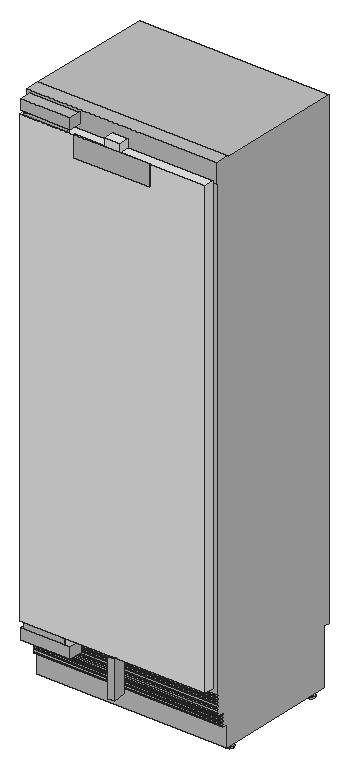
Revit family "FP_Revit_18_RS7621FLJK1_Freezer_90001110A", category Specialty Equipment, Revit 2018
Family settings
  Round Connector Dimension = Use Diameter
  Part Type = Normal
  OmniClass Number = 23.40.40.11.11
  OmniClass Title = Refrigerators and Freezers
  Work Plane-Based = No
  Always vertical = Yes
  Cut with Voids When Loaded = Yes
  Shared = No
  Room Calculation Point = No
Parameters (values of type "RS7621FLK1")
  Visibility - Water Connection = no
  Visibility - Visibility Control Note = yes
  Visibility - Clearance Required = yes
  URL = "www.fisherpaykel.com"
  Stainless Steel Door Panels (RD7621L10D) = no
  Product - Width = 756 mm  # constant formula
  Product - Height = 2134 mm  # constant formula
  Product - Depth (exl front panel) = 610 mm  # constant formula
  Model = "RS7621FLK1"
  Material - Handle = Fisher & Paykel - Aluminium
  Material - Door Structure = Fisher & Paykel - White
  Material - Door Front = Fisher & Paykel - Stainless Steel
  Material - Body = Fisher & Paykel - Grey
  Manufacturer = "Fisher & Paykel Appliances"
  Handle Style - Contemporary Square (AHD3-RD21) = no
  Handle Style - Contemporary Round (AHS-RD21) = no
  Description = "76cm Integrated Column Freezer, stainless steel interior"
  Connector Description - Water = "Water Supply not required"
  Connector Description - Electrical = "230 V,10 A fused electrical supply"
  Cavity - Width = 762 mm  # constant formula
  Cavity - Height = 2134 mm  # constant formula
  Cavity - Depth = 650 mm  # constant formula
Types (4, lengths in mm): name | Visibility - Water Connection | Model | Description | Connector Description - Water
  (no name) | no | "RS7621FLK1" | "76cm Integrated Column Freezer, stainless steel interior" | "Water Supply not required"
  RS7621FLJK1 | yes | "RS7621FLJK1" | "76cm Integrated Column Freezer with internal ice maker, stainless steel interior" | "1/2 BSP Stainless steel braided hose"
  RS7621FLK1 | no | "RS7621FLK1" | "76cm Integrated Column Freezer, stainless steel interior" | "Water Supply not required"
  RS7621FLJ1 | yes | "RS7621FLJ1" | "76cm Integrated Column Freezer with internal ice maker, white interior" | "1/2 BSP Stainless steel braided hose"
Reference planes
  plane 1 "Datum": y = 0
  plane 2: z = 0
  plane 3 "Center (Left/Right)": x = 0
  plane 4 "Product LHS": x = -378
  plane 5 "Product RHS": x = 378
  plane 6 "Product - Depth": y = 610
  plane 7 "Cavity LHS": x = -381
  plane 8 "Cavity RHS": x = 381
  plane 9 "Cavity - Depth": y = 628
  plane 10 "Handle Offset": x = 315
  plane 11 "Product Height": z = 2134
  plane 12 "Cavity Height": z = 2134
  plane 13 "Door Panel Datum": y = -4.1
Forms (mm)
  Extrusion 1, solid, material "Fisher & Paykel - Grey" <- "Material - Body", detail levels fine
    sketch origin (0, 0, 0) x (0, 1, 0) y (0, 0, 1)
      loop
        line (100.1, 19.1) -> (587.9, 19.1) -> (587.9, 239.7) -> (610, 239.7) -> (610, 2131.9) -> (105.1, 2131.9) -> (105.1, 2134) -> (49.9, 2134) -> (49.9, 2059) -> (56, 2059) -> (56, 228.6) -> (59.5, 228.6) -> (59.5, 219.7) -> (56.5, 219.7) -> (56.5, 215.9) -> (59.5, 215.9) -> (59.5, 207) -> (56.5, 207) -> (56.5, 203.2) -> (59.5, 203.2) -> (59.5, 194.3) -> (56.5, 194.3) -> (56.5, 190.5) -> (59.5, 190.5) -> (59.5, 181.6) -> (56.5, 181.6) -> (56.5, 177.8) -> (59.5, 177.8) -> (59.5, 168.9) -> (56.5, 168.9) -> (56.5, 165.1) -> (59.5, 165.1) -> (59.5, 156.2) -> (56.5, 156.2) -> (56.5, 152.4) -> (84.1, 152.4) -> (84.1, 143.5) -> (81.1, 143.5) -> (81.1, 139.7) -> (84.1, 139.7) -> (84.1, 130.8) -> (81.1, 130.8) -> (81.1, 127) -> (84.1, 127) -> (84.1, 118.1) -> (81.1, 118.1) -> (81.1, 114.3) -> (84.1, 114.3) -> (84.1, 105.4) -> (81.1, 105.4) -> (81.1, 101.6) -> (100.1, 101.6) -> (100.1, 19.1)
    from -378 to 378
  Extrusion 2, solid, material "Fisher & Paykel - Grey" <- "Material - Body"
    sketch origin (0, 0, 0) x (1, 0, 0) y (0, 1, 0)
      loop
        circle (-357.5, 547.8) r 4.1
      loop
        circle (-357.5, 141.8) r 4.1
      loop
        circle (357.5, 547.8) r 4.1
      loop
        circle (357.5, 141.8) r 4.1
    from 3 to 19.1
  Extrusion 3, solid, material "Fisher & Paykel - Grey" <- "Material - Body"
    sketch origin (0, 0, 0) x (1, 0, 0) y (0, 1, 0)
      loop
        circle (-357.5, 547.8) r 14.5
      loop
        circle (-357.5, 141.8) r 14.555
      loop
        circle (357.5, 547.8) r 14.5
      loop
        circle (357.5, 141.8) r 14.555
    from 0 to 3
  Extrusion 4, solid, material "Fisher & Paykel - Grey" <- "Material - Body", detail levels fine
    sketch origin (0, 0, 0) x (1, 0, 0) y (0, 1, 0)
      loop
        line (-7.5, 49) -> (-13.797, -4.1) -> (13.797, -4.1) -> (7.5, 49) -> (-7.5, 49)
    from 104.2 to 254.2
  Extrusion 5, solid, material "Fisher & Paykel - Grey" <- "Material - Body", detail levels fine
    sketch origin (0, 0, 0) x (0, 1, 0) y (0, 0, 1)
      loop
        line (0, 2070.6) -> (0, 1988.6) -> (2, 1988.6) -> (2, 2068.6) -> (4, 2068.6) -> (4, 2070.6) -> (0, 2070.6)
    from -150 to 150
  Extrusion 6, solid, material "Fisher & Paykel - Grey" <- "Material - Body"
    sketch origin (0, 0, 0) x (1, 0, 0) y (0, 0, 1)
      loop
        circle (303, 119.813) r 5
      loop
        circle (-303, 119.813) r 5
    from -590 to -587.9
  Extrusion 7, solid, material "Fisher & Paykel - White" <- "Material - Door Structure"
    sketch origin (0, 0, 0) x (1, 0, 0) y (0, 1, 0)
      loop
        line (-353, 56) -> (-353, 42) -> (353, 42) -> (353, 56) -> (-353, 56)
    from 269.6 to 2030.7
  Extrusion 8, solid, material "Fisher & Paykel - White" <- "Material - Door Structure"
    sketch origin (0, 0, 0) x (1, 0, 0) y (0, 1, 0)
      loop
        line (-369.4, 42) -> (-369.4, 3) -> (369.4, 3) -> (369.4, 42) -> (-369.4, 42)
    from 254.2 to 2068.6
  Extrusion 9, solid, material "Fisher & Paykel - White" <- "Material - Door Structure", detail levels fine
    sketch origin (0, 0, 0) x (1, 0, 0) y (0, 0, 1)
      loop
        line (-29.5, 2100.1) -> (-29.5, 2068.6) -> (29.5, 2068.6) -> (29.5, 2100.1) -> (-29.5, 2100.1)
    from -42 to -3
  Extrusion 10, solid, material "Fisher & Paykel - Stainless Steel" <- "Material - Door Front", visible <- "Stainless Steel Door Panels (RD7621L10D)"
    sketch origin (0, 0, 0) x (0, 1, 0) y (0, 0, 1)
      loop
        line (-22.1, 2130.8) -> (-22.1, 102) -> (-4.1, 102) -> (-4.1, 2130.8) -> (-22.1, 2130.8)
    from -378 to 378
  Extrusion 11, solid, material "Fisher & Paykel - Grey" <- "Material - Body", detail levels coarse+medium
    sketch origin (0, 0, 0) x (0, 1, 0) y (0, 0, 1)
      loop
        line (49.9, 2134) -> (49.9, 2059) -> (56, 2059) -> (56, 152.4) -> (81.1, 152.4) -> (81.1, 101.6) -> (100.1, 101.6) -> (100.1, 19.1) -> (587.9, 19.1) -> (587.9, 239.7) -> (610, 239.7) -> (610, 2134) -> (49.9, 2134)
    from -378 to 378
  Extrusion 12, solid, material "Fisher & Paykel - Grey" <- "Material - Body", detail levels fine
    sketch origin (0, 0, 0) x (-1, 0, 0) y (0, 0, -1)
      loop
        line (366.4, -187.65) -> (168.42, -187.65) -> (168.42, -229.75) -> (366.4, -229.75) -> (366.4, -187.65)
    from -56 to -2.5
  Extrusion 13, solid, material "Fisher & Paykel - Grey" <- "Material - Body", detail levels fine
    sketch origin (0, 0, 0) x (-1, 0, 0) y (0, 0, -1)
      loop
        line (366.4, -2123.15) -> (366.4, -2081.05) -> (168.42, -2081.05) -> (168.42, -2123.15) -> (366.4, -2123.15)
    from -49 to -2.5
  Extrusion 14, solid, material "Fisher & Paykel - Grey" <- "Material - Body", detail levels fine
    sketch origin (0, 0, -4) x (0, 1, 0) y (0, 0, 1)
      loop
        arc (163.888, 23.1) -> (180.4, 13.63) -> (196.912, 23.1) r 19.13
        line (196.912, 23.1) -> (163.888, 23.1)
      loop
        arc (493.888, 23.1) -> (510.4, 13.63) -> (526.912, 23.1) r 19.13
        line (526.912, 23.1) -> (493.888, 23.1)
    from 191 to 219
  Extrusion 15, solid, material "Fisher & Paykel - Grey" <- "Material - Body", detail levels fine
    sketch origin (0, 0, -4) x (0, 1, 0) y (0, 0, -1)
      loop
        line (163.888, -23.1) -> (196.912, -23.1)
        arc (196.912, -23.1) -> (180.4, -13.63) -> (163.888, -23.1) r 19.13
      loop
        line (493.888, -23.1) -> (526.912, -23.1)
        arc (526.912, -23.1) -> (510.4, -13.63) -> (493.888, -23.1) r 19.13
    from 191 to 219
  Extrusion 16, solid, material "Fisher & Paykel - Clearance Required", visible <- "Visibility - Clearance Required", detail levels coarse
    sketch origin (0, 0, 0) x (1, 0, 0) y (0, 1, 0)
      loop
        line (-381, 628) -> (-381, -4.1) -> (381, -4.1) -> (381, 628) -> (-381, 628)
    from 0 to 2134
  Extrusion 17, void
    sketch origin (0, 0, 0) x (1, 0, 0) y (0, 1, 0)
      loop
        line (-381, 628) -> (-381, -22.1) -> (381, -22.1) -> (381, 628) -> (-381, 628)
    from 0 to 2134
  Extrusion 18, solid, material "Fisher & Paykel - Grey" <- "Material - Body", detail levels fine
    sketch origin (-73, 0, 0) x (-1, 0, 0) y (0, 0, -1)
      loop
        line (118.4, -254.2) -> (282.9, -254.2) -> (282.9, -229.75) -> (118.4, -229.75) -> (118.4, -254.2)
      loop
        line (106, -2081.05) -> (242.9, -2081.05) -> (282.9, -2076.05) -> (282.9, -2068.6) -> (106, -2068.6) -> (106, -2081.05)
    from -7 to -4
  Extrusion 19, solid, material "Fisher & Paykel - Clearance Required", visible <- "Visibility - Clearance Required", detail levels coarse
    sketch origin (0, 0, 0) x (-1, 0, 0) y (0, -1, 0)
      loop
        line (-328.5, 22) -> (378.07, 22)
        arc (378.07, 22) -> (380.987, 57.006) -> (415.929, 60.595) r 27.504
        line (415.929, 60.595) -> (697.006, 665.395) -> (723.253, 653.197)
        arc (723.253, 653.197) -> (747.815, 662.137) -> (738.875, 686.699) r 18.483
        line (738.875, 686.699) -> (712.602, 698.95) -> (734.607, 746.265)
        arc (734.607, 746.265) -> (-22.041, 691.901) -> (-377.998, 22) r 783.526
        line (-377.998, 22) -> (-328.5, 22)
    from 0 to 2134
Lines and regions (mm)
  model lines, style "Fisher & Paykel"
    curve 1: line (-378, -4.1, 2130.8) -> (378, -4.1, 2130.8)
    curve 2: line (-378, -4.1, 102) -> (-378, -4.1, 2130.8)
    curve 3: line (378, -4.1, 102) -> (-378, -4.1, 102)
    curve 4: line (378, -4.1, 2130.8) -> (378, -4.1, 102)
Text (mm)
  text "Due to ongoing product development, product details are subject to change without notice. \nPlease always refer to www.fisherpaykel.com for the most current product information. \n© Fisher & Paykel 2020" at (41.04, -848.295, 0), in view "Ref. Level (Plan)"
Dimensions and locks
  equal spacing: plane 4 "Product LHS", plane 3 "Center (Left/Right)", plane 5 "Product RHS"
  "Product - Width": plane 4 "Product LHS" to plane 5 "Product RHS"
  "Product - Depth (exl front panel)": plane 1 "Datum" to plane 6 "Product - Depth"
  equal spacing: plane 7 "Cavity LHS", plane 3 "Center (Left/Right)", plane 8 "Cavity RHS"
  "Cavity - Width": plane 7 "Cavity LHS" to plane 8 "Cavity RHS"
  plane 4 "Product LHS" to Extrusion 2 sketch curve = 24.6 mm
  Extrusion 6 sketch curve to Extrusion 1 = 119.887 mm  (x2)
  Extrusion 6 sketch curve to plane 5 "Product RHS" = 75 mm
  plane 4 "Product LHS" to Extrusion 6 sketch curve = 75 mm
  Extrusion 1 sketch curve to Extrusion 1 sketch curve = 82.5 mm
  Extrusion 1 sketch curve to Extrusion 1 sketch curve = 209.5 mm
  Extrusion 1 sketch curve to Extrusion 1 sketch curve = 220.6 mm
  Extrusion 3 to level = 3 mm
  Extrusion 11 to Extrusion 8 = 235.1 mm
  Extrusion 11 to Extrusion 7 = 250.5 mm
  Extrusion 11 to Extrusion 11 = 2114.9 mm
  Extrusion 11 to Extrusion 10 = 82.9 mm
  "Product - Height": level to plane 11 "Product Height"
  plane 11 "Product Height" to Extrusion 10 = 3.2 mm
  Extrusion 8 to plane 11 "Product Height" = 65.4 mm
  Extrusion 7 to plane 11 "Product Height" = 103.3 mm
  Extrusion 11 sketch curve to plane 11 "Product Height" = 75 mm
  Extrusion 1 sketch curve to plane 11 "Product Height" = 2.1 mm
  Extrusion 1 sketch curve to plane 11 "Product Height" = 75 mm
  "Cavity - Height": plane 12 "Cavity Height" to level
  Extrusion 18 sketch curve to Extrusion 18 sketch curve = 40 mm
  Extrusion 18 sketch curve to Extrusion 18 sketch curve = 176.9 mm
  plane 3 "Center (Left/Right)" to Extrusion 18 sketch curve = 179 mm
  plane 3 "Center (Left/Right)" to Extrusion 18 sketch curve = 191.4 mm
  plane 3 "Center (Left/Right)" to Extrusion 18 sketch curve = 355.9 mm
  plane 3 "Center (Left/Right)" to Extrusion 13 sketch curve = 168.42 mm
  plane 3 "Center (Left/Right)" to Extrusion 12 sketch curve = 168.42 mm
  "Cavity - Depth": Extrusion 17 to Extrusion 19
  Extrusion 19 to plane 1 "Datum" = 22 mm
  radius of Extrusion 6 sketch curve = 5 mm
  aligned and locked: level to plane 2
  aligned and locked: Extrusion 10 to plane 5 "Product RHS"
  aligned and locked: plane 4 "Product LHS" to Extrusion 10
  aligned and locked: Extrusion 11 to plane 5 "Product RHS"
  aligned and locked: Extrusion 11 to plane 4 "Product LHS"
  aligned and locked: Extrusion 11 sketch curve to plane 11 "Product Height"
  aligned and locked: plane 11 "Product Height" to Extrusion 1 sketch curve
  aligned and locked: Extrusion 14 sketch curve to Extrusion 14 sketch curve
  aligned and locked: Extrusion 15 sketch curve to Extrusion 15 sketch curve
  aligned and locked: Extrusion 1 to plane 5 "Product RHS"
  aligned and locked: plane 4 "Product LHS" to Extrusion 1
  aligned and locked: Extrusion 11 sketch curve to Extrusion 1  (x4)
  aligned and locked: Extrusion 2 to Extrusion 1
  aligned and locked: nested 2 to plane 10 "Handle Offset"
  aligned and locked: nested 3 to plane 10 "Handle Offset"
Automatic sketch dimensions
  plane 1 "Datum" to Extrusion 4 sketch curve = 4.1 mm
  Extrusion 4 sketch curve to plane 3 "Center (Left/Right)" = 13.797 mm
  Extrusion 4 sketch curve to plane 3 "Center (Left/Right)" = 7.5 mm
  plane 3 "Center (Left/Right)" to Extrusion 4 sketch curve = 7.5 mm
  plane 3 "Center (Left/Right)" to Extrusion 4 sketch curve = 13.797 mm
  Extrusion 4 sketch curve to plane 1 "Datum" = 49 mm
  Extrusion 5 sketch curve to plane 1 "Datum" = 0 mm
  Extrusion 5 sketch curve to plane 1 "Datum" = 2 mm
  Extrusion 5 sketch curve to Extrusion 5 sketch curve = 2 mm  (x2)
  plane 11 "Product Height" to Extrusion 5 sketch curve = 145.4 mm
  plane 11 "Product Height" to Extrusion 5 sketch curve = 65.4 mm
  Extrusion 9 sketch curve to plane 3 "Center (Left/Right)" = 29.5 mm
  plane 3 "Center (Left/Right)" to Extrusion 9 sketch curve = 29.5 mm
  plane 11 "Product Height" to Extrusion 9 sketch curve = 65.4 mm
  Extrusion 9 sketch curve to Extrusion 9 sketch curve = 31.5 mm
  Extrusion 16 sketch curve to plane 7 "Cavity LHS" = 0 mm
  Extrusion 16 sketch curve to plane 8 "Cavity RHS" = 0 mm
  Extrusion 16 sketch curve to plane 9 "Cavity - Depth" = 0 mm
  plane 1 "Datum" to Extrusion 16 sketch curve = 4.1 mm
  Extrusion 17 sketch curve to plane 7 "Cavity LHS" = 0 mm
  Extrusion 17 sketch curve to plane 8 "Cavity RHS" = 0 mm
  plane 9 "Cavity - Depth" to Extrusion 17 sketch curve = 0 mm
  plane 1 "Datum" to Extrusion 17 sketch curve = 22.1 mm
  Extrusion 1 sketch curve to plane 6 "Product - Depth" = 0 mm
  Extrusion 1 sketch curve to Extrusion 1 sketch curve = 22.1 mm
  Extrusion 1 sketch curve to plane 1 "Datum" = 105.1 mm
  level to Extrusion 1 sketch curve = 19.1 mm
  Extrusion 1 sketch curve to plane 1 "Datum" = 100.1 mm
  Extrusion 1 sketch curve to Extrusion 1 sketch curve = 16 mm
  Extrusion 1 sketch curve to Extrusion 1 sketch curve = 0 mm  (x8)
  Extrusion 1 sketch curve to Extrusion 1 sketch curve = 3 mm  (x10)
  Extrusion 1 sketch curve to plane 1 "Datum" = 59.5 mm
  Extrusion 1 sketch curve to plane 1 "Datum" = 56 mm
  Extrusion 1 sketch curve to plane 1 "Datum" = 49.9 mm
  Extrusion 1 sketch curve to Extrusion 1 sketch curve = 3.8 mm  (x10)
  Extrusion 1 sketch curve to Extrusion 1 sketch curve = 8.9 mm  (x9)
  Extrusion 2 sketch curve to plane 4 "Product LHS" = 20.5 mm  (x2)
  plane 5 "Product RHS" to Extrusion 2 sketch curve = 20.5 mm  (x2)
  Extrusion 2 sketch curve to plane 1 "Datum" = 141.8 mm  (x2)
  Extrusion 2 sketch curve to plane 6 "Product - Depth" = 62.2 mm  (x2)
  Extrusion 3 sketch curve to plane 4 "Product LHS" = 20.5 mm  (x2)
  plane 5 "Product RHS" to Extrusion 3 sketch curve = 20.5 mm  (x2)
  Extrusion 3 sketch curve to plane 1 "Datum" = 141.8 mm  (x2)
  Extrusion 3 sketch curve to plane 6 "Product - Depth" = 62.2 mm  (x2)
  Extrusion 7 sketch curve to plane 4 "Product LHS" = 25 mm
  plane 5 "Product RHS" to Extrusion 7 sketch curve = 25 mm
  Extrusion 7 sketch curve to plane 1 "Datum" = 42 mm
  Extrusion 7 sketch curve to Extrusion 7 sketch curve = 14 mm
  Extrusion 8 sketch curve to plane 1 "Datum" = 3 mm
  Extrusion 8 sketch curve to plane 4 "Product LHS" = 8.6 mm
  plane 5 "Product RHS" to Extrusion 8 sketch curve = 8.6 mm
  Extrusion 8 sketch curve to Extrusion 8 sketch curve = 39 mm
  plane 1 "Datum" to Extrusion 10 sketch curve = 22.1 mm
  plane 1 "Datum" to Extrusion 10 sketch curve = 4.1 mm
  level to Extrusion 10 sketch curve = 102 mm
  plane 11 "Product Height" to Extrusion 10 sketch curve = 3.2 mm
  Extrusion 11 sketch curve to plane 6 "Product - Depth" = 0 mm
  Extrusion 11 sketch curve to plane 6 "Product - Depth" = 22.1 mm
  Extrusion 11 sketch curve to plane 1 "Datum" = 100.1 mm
  Extrusion 11 sketch curve to Extrusion 11 sketch curve = 19 mm
  Extrusion 11 sketch curve to plane 1 "Datum" = 56 mm
  Extrusion 11 sketch curve to plane 1 "Datum" = 49.9 mm
  Extrusion 11 sketch curve to Extrusion 11 sketch curve = 50.8 mm
  plane 4 "Product LHS" to Extrusion 12 sketch curve = 11.6 mm
  Extrusion 12 sketch curve to level = 187.65 mm
  Extrusion 12 sketch curve to Extrusion 12 sketch curve = 42.1 mm
  plane 4 "Product LHS" to Extrusion 13 sketch curve = 11.6 mm
  Extrusion 13 sketch curve to plane 11 "Product Height" = 52.95 mm
  Extrusion 13 sketch curve to plane 11 "Product Height" = 10.85 mm
  level to Extrusion 14 sketch curve = 19.1 mm
  Extrusion 14 sketch curve to plane 1 "Datum" = 163.888 mm
  Extrusion 14 sketch curve to Extrusion 14 sketch curve = 16.512 mm  (x2)
  Extrusion 14 sketch curve to plane 6 "Product - Depth" = 116.112 mm
  Extrusion 14 sketch curve to Extrusion 14 sketch curve = 9.66 mm  (x2)
  level to Extrusion 15 sketch curve = 19.1 mm
  Extrusion 15 sketch curve to plane 1 "Datum" = 163.888 mm
  Extrusion 15 sketch curve to Extrusion 15 sketch curve = 16.512 mm  (x2)
  Extrusion 15 sketch curve to plane 6 "Product - Depth" = 116.112 mm
  Extrusion 15 sketch curve to Extrusion 15 sketch curve = 9.66 mm  (x2)
  Extrusion 18 sketch curve to level = 229.75 mm
  Extrusion 18 sketch curve to Extrusion 18 sketch curve = 24.45 mm
  Extrusion 18 sketch curve to plane 11 "Product Height" = 65.4 mm
  Extrusion 18 sketch curve to Extrusion 18 sketch curve = 7.45 mm
  Extrusion 18 sketch curve to Extrusion 18 sketch curve = 5 mm
  Extrusion 19 sketch curve to plane 5 "Product RHS" = 0.002 mm
  plane 10 "Handle Offset" to Extrusion 19 sketch curve = 13.5 mm
  Extrusion 19 sketch curve to plane 4 "Product LHS" = 0.07 mm
  Extrusion 19 sketch curve to plane 7 "Cavity LHS" = 19.621 mm
  Extrusion 19 sketch curve to Extrusion 19 sketch curve = 4.795 mm
  Extrusion 19 sketch curve to Extrusion 19 sketch curve = 10.514 mm
  Extrusion 19 sketch curve to plane 7 "Cavity LHS" = 316.006 mm
  Extrusion 19 sketch curve to Extrusion 19 sketch curve = 15.596 mm
  Extrusion 19 sketch curve to Extrusion 19 sketch curve = 26.247 mm
  Extrusion 19 sketch curve to Extrusion 19 sketch curve = 7.811 mm  (x2)
  Extrusion 19 sketch curve to Extrusion 19 sketch curve = 22.005 mm
  Extrusion 19 sketch curve to plane 1 "Datum" = 746.265 mm
  Extrusion 19 sketch curve to Extrusion 19 sketch curve = 47.315 mm
  Extrusion 19 sketch curve to Extrusion 19 sketch curve = 12.251 mm
  Extrusion 19 sketch curve to Extrusion 19 sketch curve = 16.751 mm
  Extrusion 19 sketch curve to Extrusion 19 sketch curve = 12.198 mm
  Extrusion 19 sketch curve to Extrusion 19 sketch curve = 22.85 mm
  plane 5 "Product RHS" to curve 1 = 0 mm
  plane 4 "Product LHS" to curve 3 = 0 mm
  level to curve 3 = 102 mm
  plane 11 "Product Height" to curve 2 = 3.2 mm
  radius of Extrusion 2 sketch curve = 4.1 mm  (x3)
  radius of Extrusion 3 sketch curve = 14.5 mm  (x2)
  radius of Extrusion 3 sketch curve = 14.555 mm  (x2)
  radius of Extrusion 6 sketch curve = 5 mm
Nested families
  nested 1: "Visibility Control Note 18" at (0, 0, 0), visible <- "Visibility - Visibility Control Note", type "Visibility Control Note 18"
  nested 2: "Handle Contemporary Round - Vertical" at (315, -22.1, 1242.58), visible <- "Handle Style - Contemporary Round (AHS-RD21)", type "AHS-RD21 - Contemporary round handle (Vertical) 852mm"
  nested 3: "Handle Contemporary Square - Vertical" at (315, -22.1, 1242.58), visible <- "Handle Style - Contemporary Square (AHD3-RD21)", type "AHD3-RD21 - Contemporary square handle (Vertical) 852mm"
Connectors
  electrical at (-303, 590, 119.813), driven by "Connector Description - Electrical"
    settings: on Extrusion 6, index 1, voltage 230 V, apparent load 0 VA, apparent load phase1 0 VA, apparent load phase2 0 VA, apparent load phase3 0 VA, power factor 1, load classification "Other", number of poles 1, system type 30, power factor state 1, is connector primary yes, connector utility no, sub classification motor no, connector description "230 V,10 A fused electrical supply"
  piping at (303, 590, 119.813), diameter 12.7, driven by "Visibility - Water Connection", driven by "Connector Description - Water"
    settings: on Extrusion 6, index 2, connector inside diameter 609.6 mm, connector length 0 mm, flow factor 0, pipe flow 0.0 L/s, pressure drop 0.0 Pa, fitting loss kfactor 0, connector angle 0.00°, fixture units 0, engagement length 0 mm, angle of deflection 0.00°, flow configuration 0, flow direction 1, fitting loss method 0, system type 20, joint type 0, gender type 0, connector reference index -1, connector utility 0, adjustable connector no, is connector primary yes, connector description "Water Supply not required"
Definition of nested family "Handle Contemporary Round - Vertical"
  Parameters (values of type "AHSRS80A - Contemporary round handle (1 of 2) (Vertical) 727mm")
    URL = "www.fisherpaykel.com"
    Material - Handle = none
    Manufacturer = "Fisher & Paykel Appliances"
    Handle - Length = 727 mm
  Types (6, lengths in mm): name | Handle - Length
    AHS-RD21 - Contemporary round handle (Vertical) 852mm | 852
    AHSRD2484W - Contemporary round handle (1 of 2) (Vertical) 727mm | 727
    AHSRD3084W - Contemporary round handle (1 of 2) (Vertical) 727mm | 727
    AHS-RD84 - Contemporary round handle (Vertical) 852mm | 852
    AHSRS3272A - Contemporary round handle (1 of 2) (Vertical) 727mm | 727
    AHSRS80A - Contemporary round handle (1 of 2) (Vertical) 727mm | 727
  Reference planes
    plane 1 "Center (Front/Back)": y = 0
    plane 2: z = 0
    plane 3 "Center (Left/Right)": x = 0
    plane 4 "Top": z = 363.5
    plane 5 "Bottom": z = -363.5
    plane 6 "Top Standoff": z = 243.5
    plane 7 "Bottom Standoff": z = -243.5
  Forms (mm)
    Extrusion 1, solid, material <- "Material - Handle"
      sketch origin (0, 0, 0) x (1, 0, 0) y (0, 1, 0)
        loop
          circle (0, -32.3) r 8.7
      from -243.5 to 243.5
    Extrusion 2, solid, material <- "Material - Handle", detail levels fine
      sketch origin (0, 0, 0) x (1, 0, 0) y (0, 1, 0)
        loop
          line (-8.7, 0) -> (-8.7, -32.3)
          arc (-8.7, -32.3) -> (0, -41) -> (8.7, -32.3) r 8.7
          line (8.7, -32.3) -> (8.7, 0) -> (-8.7, 0)
      from 243.5 to 363.5
    Extrusion 3, solid, material <- "Material - Handle", detail levels fine
      sketch origin (0, 0, 0) x (1, 0, 0) y (0, 1, 0)
        loop
          line (-8.7, 0) -> (-8.7, -32.3)
          arc (-8.7, -32.3) -> (0, -41) -> (8.7, -32.3) r 8.7
          line (8.7, -32.3) -> (8.7, 0) -> (-8.7, 0)
      from -363.5 to -243.5
    Sweep 4, void
      path in 3D
        loop
          line (8.7, 0, -363.5) -> (8.7, -32.3, -363.5)
          arc (8.7, -32.3, -363.5) -> (0, -41, -363.5) -> (-8.7, -32.3, -363.5) r 8.7
          line (-8.7, -32.3, -363.5) -> (-8.7, 0, -363.5)
      profile origin (8.7, -16.15, -363.5) x (-1, 0, 0) y (0, 0, -1)
        loop
          line (0, 0) -> (0, -1) -> (1, 0) -> (0, 0)
    Sweep 5, void
      path in 3D
        loop
          line (-8.7, 0, 363.5) -> (-8.7, -32.3, 363.5)
          arc (-8.7, -32.3, 363.5) -> (0, -41, 363.5) -> (8.7, -32.3, 363.5) r 8.7
          line (8.7, -32.3, 363.5) -> (8.7, 0, 363.5)
      profile origin (8.7, -16.15, 363.5) x (-1, 0, 0) y (0, 0, 1)
        loop
          line (0, 0) -> (0, -1) -> (1, 0) -> (0, 0)
    Extrusion 6, solid, material <- "Material - Handle", detail levels coarse+medium
      sketch origin (0, 0, 0) x (1, 0, 0) y (0, 1, 0)
        loop
          line (-8.7, 0) -> (-8.7, -32.3)
          arc (-8.7, -32.3) -> (0, -41) -> (8.7, -32.3) r 8.7
          line (8.7, -32.3) -> (8.7, 0) -> (-8.7, 0)
      from 243.5 to 363.5
    Extrusion 7, solid, material <- "Material - Handle", detail levels coarse+medium
      sketch origin (0, 0, 0) x (1, 0, 0) y (0, 1, 0)
        loop
          line (-8.7, 0) -> (-8.7, -32.3)
          arc (-8.7, -32.3) -> (0, -41) -> (8.7, -32.3) r 8.7
          line (8.7, -32.3) -> (8.7, 0) -> (-8.7, 0)
      from -363.5 to -243.5
  Cuts and joins
    Sweep 4 cuts Extrusion 3
    Sweep 5 cuts Extrusion 2
  Lines and regions (mm)
    sketch lines
      curve 1: line (8.7, 0, -363.5) -> (8.7, -32.3, -363.5)
      curve 2: arc (-8.7, -32.3, -363.5) -> (0, -41, -363.5) -> (8.7, -32.3, -363.5) r 8.7
      curve 3: line (-8.7, -32.3, -363.5) -> (-8.7, 0, -363.5)
      curve 4: line (8.7, -32.3, 363.5) -> (8.7, 0, 363.5)
      curve 5: arc (8.7, -32.3, 363.5) -> (0, -41, 363.5) -> (-8.7, -32.3, 363.5) r 8.7
      curve 6: line (-8.7, 0, 363.5) -> (-8.7, -32.3, 363.5)
  Dimensions and locks
    equal spacing: plane 4 "Top", level, plane 5 "Bottom"
    "Handle - Length": plane 4 "Top" to plane 5 "Bottom"
    locked: plane 4 "Top" to plane 6 "Top Standoff" at 120
    locked: plane 7 "Bottom Standoff" to plane 5 "Bottom" at 120
    Extrusion 2 sketch curve to Extrusion 2 sketch curve = 17.4 mm
    Extrusion 3 sketch curve to Extrusion 3 sketch curve = 17.4 mm
    Extrusion 6 sketch curve to Extrusion 6 sketch curve = 17.4 mm
    Extrusion 7 sketch curve to Extrusion 7 sketch curve = 17.4 mm
    aligned and locked: level to plane 2
    aligned and locked: plane 4 "Top" to Extrusion 2
    aligned and locked: Extrusion 3 to plane 5 "Bottom"
    aligned and locked: plane 7 "Bottom Standoff" to Extrusion 3
    aligned and locked: Extrusion 1 to plane 7 "Bottom Standoff"
    aligned and locked: plane 6 "Top Standoff" to Extrusion 1
    aligned and locked: Extrusion 2 to Extrusion 1
    aligned and locked: Extrusion 6 to Extrusion 1
    aligned and locked: plane 4 "Top" to Extrusion 6
    aligned and locked: Extrusion 7 to Extrusion 1
    aligned and locked: Extrusion 7 to plane 5 "Bottom"
  Automatic sketch dimensions
    Extrusion 1 sketch curve to plane 3 "Center (Left/Right)" = 0 mm
    plane 1 "Center (Front/Back)" to Extrusion 1 sketch curve = 32.3 mm
    plane 1 "Center (Front/Back)" to Extrusion 2 sketch curve = 0 mm
    Extrusion 2 sketch curve to plane 3 "Center (Left/Right)" = 0 mm
    Extrusion 2 sketch curve to plane 3 "Center (Left/Right)" = 8.7 mm
    plane 1 "Center (Front/Back)" to Extrusion 2 sketch curve = 32.3 mm
    plane 1 "Center (Front/Back)" to Extrusion 3 sketch curve = 0 mm
    Extrusion 3 sketch curve to plane 3 "Center (Left/Right)" = 0 mm
    Extrusion 3 sketch curve to plane 3 "Center (Left/Right)" = 8.7 mm
    plane 1 "Center (Front/Back)" to Extrusion 3 sketch curve = 32.3 mm
    Sweep 4 sketch curve to profile plane = 0 mm  (x2)
    Sweep 4 sketch curve to profile plane = 1 mm  (x2)
    Sweep 5 sketch curve to profile plane = 0 mm  (x2)
    Sweep 5 sketch curve to profile plane = 1 mm  (x2)
    Extrusion 6 sketch curve to plane 3 "Center (Left/Right)" = 0 mm
    Extrusion 6 sketch curve to plane 3 "Center (Left/Right)" = 8.7 mm
    plane 1 "Center (Front/Back)" to Extrusion 6 sketch curve = 32.3 mm
    Extrusion 6 sketch curve to Extrusion 6 sketch curve = 32.3 mm
    Extrusion 7 sketch curve to plane 3 "Center (Left/Right)" = 0 mm
    Extrusion 7 sketch curve to plane 3 "Center (Left/Right)" = 8.7 mm
    plane 1 "Center (Front/Back)" to Extrusion 7 sketch curve = 32.3 mm
    Extrusion 7 sketch curve to Extrusion 7 sketch curve = 32.3 mm
    radius of Extrusion 1 sketch curve = 8.7 mm
Definition of nested family "Handle Contemporary Square - Vertical"
  Parameters (values of type "AHD3RS80A - Contemporary square handle (1 of 2) (Vertical) 727mm")
    URL = "www.fisherpaykel.com"
    Material - Handle = none
    Manufacturer = "Fisher & Paykel Appliances"
    Handle - Length = 727 mm
  Types (7, lengths in mm): name | Handle - Length
    (no name) | 727
    AHD3-RD21 - Contemporary square handle (Vertical) 852mm | 852
    AHD3RD2484W - Contemporary square handle (1 of 2) (Vertical) 727mm | 727
    AHD3RD3084W - Contemporary square handle (1 of 2) (Vertical) 727mm | 727
    AHD3-RD84 - Contemporary square handle (Vertical) 852mm | 852
    AHD3RS3272A - Contemporary square handle (1 of 2) (Vertical) 727mm | 727
    AHD3RS80A - Contemporary square handle (1 of 2) (Vertical) 727mm | 727
  Reference planes
    plane 1 "Center (Front/Back)": y = 0
    plane 2: z = 0
    plane 3 "Center (Left/Right)": x = 0
    plane 4 "Top": z = 363.5
    plane 5 "Bottom": z = -363.5
    plane 6 "Top Standoff": z = 243.5
    plane 7 "Bottom Standoff": z = -243.5
  Forms (mm)
    Extrusion 1, solid, material <- "Material - Handle", detail levels fine
      sketch origin (0, 0, 0) x (1, 0, 0) y (0, 1, 0)
        loop
          arc (-7.583, -28.701) -> (-7.89, -29.057) -> (-8, -29.514) r 1
          line (-8, -29.514) -> (-8, -40.5)
          arc (-8, -40.5) -> (-7.561, -41.561) -> (-6.5, -42) r 1.5
          line (-6.5, -42) -> (6.5, -42)
          arc (6.5, -42) -> (7.561, -41.561) -> (8, -40.5) r 1.5
          line (8, -40.5) -> (8, -29.487)
          arc (8, -29.487) -> (7.889, -29.029) -> (7.58, -28.673) r 1
          arc (7.58, -28.673) -> (-0.006, -26.256) -> (-7.583, -28.701) r 13.038
      from -363.5 to 363.5
    Extrusion 2, solid, material <- "Material - Handle", detail levels fine
      sketch origin (0, 0, 0) x (1, 0, 0) y (0, 1, 0)
        loop
          arc (7.058, -28.23) -> (7.466, -28.244) -> (7.674, -27.893) r 0.4
          line (7.674, -27.893) -> (7.674, 0) -> (-7.674, 0) -> (-7.674, -27.86)
          arc (-7.674, -27.86) -> (-7.467, -28.21) -> (-7.06, -28.198) r 0.4
          arc (-7.06, -28.198) -> (0.004, -26.156) -> (7.058, -28.23) r 13.136
      from 243.5 to 363.5
    Extrusion 3, solid, material <- "Material - Handle", detail levels fine
      sketch origin (0, 0, 0) x (1, 0, 0) y (0, 1, 0)
        loop
          arc (7.058, -28.23) -> (7.466, -28.244) -> (7.674, -27.893) r 0.4
          line (7.674, -27.893) -> (7.674, 0) -> (-7.674, 0) -> (-7.674, -27.86)
          arc (-7.674, -27.86) -> (-7.467, -28.21) -> (-7.06, -28.198) r 0.4
          arc (-7.06, -28.198) -> (0.004, -26.156) -> (7.058, -28.23) r 13.136
      from -363.5 to -243.5
    Sweep 4, void
      path in 3D
        loop
          line (-8, -29.514, 363.5) -> (-8, -40.5, 363.5)
          arc (-8, -40.5, 363.5) -> (-7.561, -41.561, 363.5) -> (-6.5, -42, 363.5) r 1.5
          line (-6.5, -42, 363.5) -> (6.5, -42, 363.5)
          arc (6.5, -42, 363.5) -> (7.561, -41.561, 363.5) -> (8, -40.5, 363.5) r 1.5
          line (8, -40.5, 363.5) -> (8, -29.487, 363.5)
      profile origin (8, -34.994, 363.5) x (-1, 0, 0) y (0, 0, 1)
        loop
          line (0, 0) -> (0, -1.3) -> (1.3, 0) -> (0, 0)
    Sweep 5, void
      path in 3D
        loop
          line (8, -29.487, -363.5) -> (8, -40.5, -363.5)
          arc (8, -40.5, -363.5) -> (7.561, -41.561, -363.5) -> (6.5, -42, -363.5) r 1.5
          line (6.5, -42, -363.5) -> (-6.5, -42, -363.5)
          arc (-6.5, -42, -363.5) -> (-7.561, -41.561, -363.5) -> (-8, -40.5, -363.5) r 1.5
          line (-8, -40.5, -363.5) -> (-8, -29.514, -363.5)
      profile origin (8, -34.994, -363.5) x (-1, 0, 0) y (0, 0, -1)
        loop
          line (0, 0) -> (0, -1.3) -> (1.3, 0) -> (0, 0)
    Extrusion 6, void
      sketch origin (0, 0, 0) x (1, 0, 0) y (0, 0, 1)
        loop
          line (-8, -362.2) -> (-8, -363.5) -> (-6.7, -363.5) -> (-8, -362.2)
        loop
          line (8, -362.2) -> (6.7, -363.5) -> (8, -363.5) -> (8, -362.2)
      from 0 to 40
    Extrusion 7, void
      sketch origin (0, 0, 0) x (1, 0, 0) y (0, 0, 1)
        loop
          line (-8, 363.5) -> (-8, 362.2) -> (-6.7, 363.5) -> (-8, 363.5)
        loop
          line (8, 363.5) -> (6.7, 363.5) -> (8, 362.2) -> (8, 363.5)
      from 0 to 40
    Extrusion 8, solid, material <- "Material - Handle", detail levels coarse+medium
      sketch origin (0, 0, 0) x (0, 1, 0) y (0, 0, 1)
        loop
          line (0, 363.5) -> (-42, 363.5) -> (-42, -363.5) -> (0, -363.5) -> (0, -243.5) -> (-26.245, -243.5) -> (-26.245, 243.5) -> (0, 243.5) -> (0, 363.5)
      from -8 to 8
  Cuts and joins
    Sweep 4, Sweep 5, Extrusion 6, Extrusion 7 cuts Extrusion 1
    Extrusion 6 cuts Extrusion 3
    Extrusion 7 cuts Extrusion 2
  Lines and regions (mm)
    sketch lines
      curve 1: line (8, -40.5, 363.5) -> (8, -29.487, 363.5)
      curve 2: arc (8, -40.5, 363.5) -> (7.561, -41.561, 363.5) -> (6.5, -42, 363.5) r 1.5
      curve 3: line (-6.5, -42, 363.5) -> (6.5, -42, 363.5)
      curve 4: arc (-6.5, -42, 363.5) -> (-7.561, -41.561, 363.5) -> (-8, -40.5, 363.5) r 1.5
      curve 5: line (-8, -29.514, 363.5) -> (-8, -40.5, 363.5)
      curve 6: line (8, -29.487, -363.5) -> (8, -40.5, -363.5)
      curve 7: arc (6.5, -42, -363.5) -> (7.561, -41.561, -363.5) -> (8, -40.5, -363.5) r 1.5
      curve 8: line (6.5, -42, -363.5) -> (-6.5, -42, -363.5)
      curve 9: arc (-8, -40.5, -363.5) -> (-7.561, -41.561, -363.5) -> (-6.5, -42, -363.5) r 1.5
      curve 10: line (-8, -40.5, -363.5) -> (-8, -29.514, -363.5)
  Dimensions and locks
    equal spacing: plane 4 "Top", level, plane 5 "Bottom"
    "Handle - Length": plane 4 "Top" to plane 5 "Bottom"
    locked: plane 4 "Top" to plane 6 "Top Standoff" at 120
    locked: plane 7 "Bottom Standoff" to plane 5 "Bottom" at 120
    aligned and locked: level to plane 2
    aligned and locked: plane 4 "Top" to Extrusion 2
    aligned and locked: Extrusion 2 to plane 6 "Top Standoff"
    aligned and locked: plane 4 "Top" to Extrusion 1
    aligned and locked: Extrusion 1 to plane 5 "Bottom"
    aligned and locked: Extrusion 3 to plane 5 "Bottom"
    aligned and locked: plane 7 "Bottom Standoff" to Extrusion 3
    aligned and locked: plane 4 "Top" to Extrusion 8 sketch curve
    aligned and locked: plane 6 "Top Standoff" to Extrusion 8 sketch curve
    aligned and locked: plane 7 "Bottom Standoff" to Extrusion 8 sketch curve
    aligned and locked: plane 5 "Bottom" to Extrusion 8 sketch curve
    aligned and locked: plane 1 "Center (Front/Back)" to Extrusion 8 sketch curve  (x2)
  Automatic sketch dimensions
    Extrusion 1 sketch curve to plane 3 "Center (Left/Right)" = 8 mm
    Extrusion 1 sketch curve to Extrusion 1 sketch curve = 1 mm  (x2)
    Extrusion 1 sketch curve to Extrusion 1 sketch curve = 1.5 mm
    plane 3 "Center (Left/Right)" to Extrusion 1 sketch curve = 0.018 mm
    plane 3 "Center (Left/Right)" to Extrusion 1 sketch curve = 6.5 mm
    plane 3 "Center (Left/Right)" to Extrusion 1 sketch curve = 7 mm
    plane 1 "Center (Front/Back)" to Extrusion 1 sketch curve = 42 mm
    Extrusion 1 sketch curve to Extrusion 1 sketch curve = 1.206 mm
    Extrusion 1 sketch curve to Extrusion 1 sketch curve = 10.986 mm
    Extrusion 1 sketch curve to Extrusion 1 sketch curve = 11.013 mm
    Extrusion 1 sketch curve to Extrusion 1 sketch curve = 0 mm
    plane 1 "Center (Front/Back)" to Extrusion 2 sketch curve = 0 mm
    Extrusion 2 sketch curve to plane 3 "Center (Left/Right)" = 7.674 mm
    Extrusion 2 sketch curve to Extrusion 2 sketch curve = 0.4 mm  (x2)
    Extrusion 2 sketch curve to plane 3 "Center (Left/Right)" = 0.026 mm
    plane 3 "Center (Left/Right)" to Extrusion 2 sketch curve = 7.274 mm
    plane 1 "Center (Front/Back)" to Extrusion 2 sketch curve = 27.86 mm
    Extrusion 2 sketch curve to Extrusion 2 sketch curve = 0.033 mm
    Extrusion 2 sketch curve to Extrusion 2 sketch curve = 11.398 mm
    Extrusion 2 sketch curve to Extrusion 2 sketch curve = 0 mm
    plane 1 "Center (Front/Back)" to Extrusion 3 sketch curve = 0 mm
    Extrusion 3 sketch curve to Extrusion 3 sketch curve = 0.4 mm  (x2)
    Extrusion 3 sketch curve to Extrusion 3 sketch curve = 7.248 mm
    Extrusion 3 sketch curve to Extrusion 3 sketch curve = 7.3 mm
    plane 1 "Center (Front/Back)" to Extrusion 3 sketch curve = 27.86 mm
    Extrusion 3 sketch curve to Extrusion 3 sketch curve = 0.033 mm
    Extrusion 3 sketch curve to Extrusion 3 sketch curve = 11.398 mm
    Extrusion 3 sketch curve to Extrusion 3 sketch curve = 0 mm
    Sweep 4 sketch curve to profile plane = 0 mm  (x2)
    Sweep 4 sketch curve to profile plane = 1.3 mm  (x2)
    Sweep 5 sketch curve to profile plane = 0 mm  (x2)
    Sweep 5 sketch curve to profile plane = 1.3 mm  (x2)
    Extrusion 6 sketch curve to plane 5 "Bottom" = 0 mm  (x2)
    plane 5 "Bottom" to Extrusion 6 sketch curve = 1.3 mm  (x2)
    Extrusion 6 sketch curve to plane 3 "Center (Left/Right)" = 8 mm
    Extrusion 6 sketch curve to Extrusion 6 sketch curve = 1.3 mm  (x2)
    plane 3 "Center (Left/Right)" to Extrusion 6 sketch curve = 8 mm
    Extrusion 7 sketch curve to plane 4 "Top" = 0 mm  (x2)
    Extrusion 7 sketch curve to plane 3 "Center (Left/Right)" = 8 mm
    Extrusion 7 sketch curve to Extrusion 7 sketch curve = 1.3 mm  (x2)
    plane 3 "Center (Left/Right)" to Extrusion 7 sketch curve = 8 mm
    Extrusion 7 sketch curve to plane 4 "Top" = 1.3 mm  (x2)
    plane 1 "Center (Front/Back)" to Extrusion 8 sketch curve = 26.245 mm
    plane 1 "Center (Front/Back)" to Extrusion 8 sketch curve = 42 mm
    Extrusion 3 sketch curve to plane 3 "Center (Left/Right)" = 7.674 mm
Definition of nested family "Visibility Control Note 18"
  Types (3): name
    New
    Resolved
    Active
  Reference planes
    plane 1: y = 0
    plane 2: x = 0
  Text (mm)
    text "Edit Type: \nTo control handle kit \nand door panel visibility\n options\n\nDelete unwanted kits \nto reduce file size" at (-0.165, 35.556, 0)
